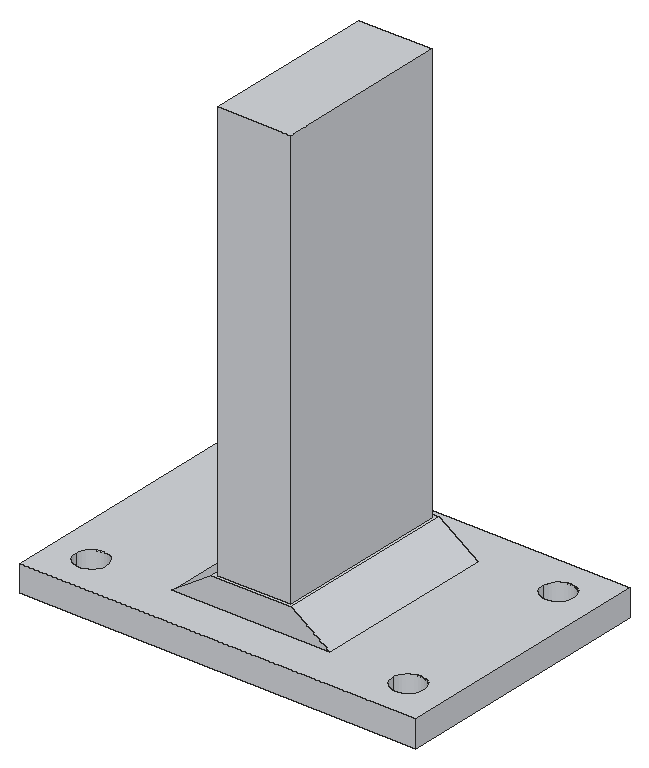
Revit family "Lighting-ArredoUrbano-GEWISS-EXTRO-BASE_COLONNA", category Apparecchi per illuminazione, Revit 2019
Family settings
  Quota connettore circolare = Usa diametro
  Tipo di parte = Normale
  Numero OmniClass = 23.80.00.00
  Titolo OmniClass = Electric Power and Lighting
  Basato su piano di lavoro = Sì
  Sempre verticale = Sì
  Taglio con vuoti quando caricato = No
  Sorgente d'illuminazione = No
  Condiviso = No
  Punto di calcolo locali = Sì
Parameters (values of type "GW82297 - BASE RETTANGOLARE COLONNA EXTRO G.GRAF.")
  Versione file RFA = "20.11"
  URL = "https://www.gewiss.com/it/it"
  Scheda Tecnica = "https://www.gewiss.com/it/it/search?q=GW82297"
  SIMBOLO [instance] = yes
  SEO = "Base colonna"
  Default Elevation = 1219.2 mm
  Produttore = "GEWISS S.p.A."
  Piede = none
  Modello = "GW82297"
  Materiale = "Alluminio estruso"
  Larghezza_basamento = 202 mm
  Lunghezza_Basamento = 300 mm
  Lunghezza_piede = 140 mm
  Larghezza_Piede [instance] = 60 mm
  Immagine tipo = GW82297.jpg
  IDT = "1fff9009-d007-4e18-9cb8-e6882bacfd6c"
  IDF = "f907310b-761a-454e-8ab0-a7a655ef85ca"
  Dimensioni AxBxC (mm) = "300x202x315"
  Dim. esterne BxHxP (mm) = "300x202x315"
  Descrizione = "BASE RETTANGOLARE COLONNA EXTRO GRIGIO"
  Creato da GEWISS S.p.A. = ""
  Colore = "Grigio grafite"
  Codice Electrocod = "240"
  Codice EAN = "8011564210431"
  Catalogo Serie = "EXTRO"
  Catalogo = "LIGHTING"
  COBie.Tagnumber = ""
  COBie.CreatedOn = ""
  COBie.CreatebBy = ""
  COBie.ComponentRegisterItemID = ""
  COBie.Component.TagNumber = ""
  COBie.Component.Space = ""
  COBie.Component.SerialNumber = ""
  COBie.Component.InstallationDate = ""
  COBie.Component.Description = ""
  COBie.Component.BarCode = ""
  Basamento = none
  BIDIMENSIONALE [instance] = not(SIMBOLO)  # no
  Altezza piede = 358 mm
Reference planes
  plane 1 "Centro (Fronte/Retro)": y = 0
  plane 2: z = 0
  plane 3 "Centro (Sinistra/Destra)": x = 0
  plane 4: x = -150
  plane 5: x = 150
  plane 6: y = 101
  plane 7: y = -101
  plane 8: z = 20
  plane 9: x = -30
  plane 10: x = 30
  plane 11: x = -60
  plane 12: x = 60
  plane 13: z = 40
  plane 14: y = 70
  plane 15: y = -70
  plane 16: x = 27.5
  plane 17: x = -27.5
  plane 18: y = 67
  plane 19: y = -67
  plane 20: z = 358
Forms (mm)
  Extrusion 1, solid, material <- "Basamento"
    sketch origin (0, 0, 0) x (1, 0, 0) y (0, 1, 0)
      loop
        line (-150, 101) -> (-150, -101) -> (150, -101) -> (150, 101) -> (-150, 101)
      loop
        circle (-120, 71) r 12
      loop
        circle (120, 71) r 12
      loop
        circle (-120, -71) r 12
      loop
        circle (120, -71) r 12
    from 0 to 20
  Extrusion 2, solid, material <- "Basamento"
    sketch origin (0, 0, 0) x (1, 0, 0) y (0, 0, 1)
      loop
        line (-30, 40) -> (-60, 20) -> (60, 20) -> (30, 40) -> (-30, 40)
    from -70 to 70
  Extrusion 3, solid, material <- "Piede"
    sketch origin (0, 0, 0) x (1, 0, 0) y (0, 1, 0)
      loop
        line (-27.5, 67) -> (-27.5, -67) -> (27.5, -67) -> (27.5, 67) -> (-27.5, 67)
    from 40 to 358
Lines and regions (mm)
  Masking region 1, visible <- "BIDIMENSIONALE"
    outline origin (0, 0, 0) x (1, 0, 0) y (0, 1, 0)
      loop
        line (-150, 101) -> (-150, -101) -> (150, -101) -> (150, 101) -> (-150, 101)
  Masking region 2
    outline origin (0, 0, 0) x (1, 0, 0) y (0, 0, 1)
      loop
        line (-150, 0) -> (150, 0) -> (150, 20) -> (-150, 20) -> (-150, 0)
      loop
        line (-27.5, 40) -> (27.5, 40) -> (27.5, 358) -> (-27.5, 358) -> (-27.5, 40)
  Masking region 3
    outline origin (0, 0, 0) x (1, 0, 0) y (0, 0, 1)
      loop
        line (-60, 20) -> (60, 20) -> (30, 40) -> (-30, 40) -> (-60, 20)
  Masking region 4
    outline origin (0, 0, 0) x (0, 1, 0) y (0, 0, 1)
      loop
        line (-101, 0) -> (101, 0) -> (101, 20) -> (-101, 20) -> (-101, 0)
      loop
        line (-67, 40) -> (67, 40) -> (67, 358) -> (-67, 358) -> (-67, 40)
  Masking region 5
    outline origin (0, 0, 0) x (0, 1, 0) y (0, 0, 1)
      loop
        line (-70, 20) -> (70, 20) -> (70, 40) -> (-70, 40) -> (-70, 20)
  symbolic lines
    curve 1: line (-150, 0, 0) -> (150, 0, 0)
    curve 2: line (-150, 0, 20) -> (-150, 0, 0)
    curve 3: line (150, 0, 20) -> (-150, 0, 20)
    curve 4: line (150, 0, 0) -> (150, 0, 20)
    curve 5: line (-27.5, 0, 40) -> (27.5, 0, 40)
    curve 6: line (-27.5, 0, 358) -> (-27.5, 0, 40)
    curve 7: line (27.5, 0, 358) -> (-27.5, 0, 358)
    curve 8: line (27.5, 0, 40) -> (27.5, 0, 358)
    curve 9: line (-30, 0, 40) -> (-60, 0, 20)
    curve 10: line (60, 0, 20) -> (30, 0, 40)
    curve 11: line (27.5, 0, 40) -> (-30, 0, 40)
    curve 23: line (0, 101, 0) -> (0, -101, 0)
    curve 24: line (0, 101, 20) -> (0, 101, 0)
    curve 25: line (0, -101, 20) -> (0, 101, 20)
    curve 26: line (0, -101, 0) -> (0, -101, 20)
    curve 27: line (0, -70, 20) -> (0, 70, 20)
    curve 28: line (0, -70, 40) -> (0, -70, 20)
    curve 29: line (0, 70, 40) -> (0, -70, 40)
    curve 30: line (0, 70, 20) -> (0, 70, 40)
    curve 31: line (0, 67, 40) -> (0, -67, 40)
    curve 32: line (0, 67, 358) -> (0, 67, 40)
    curve 33: line (0, -67, 358) -> (0, 67, 358)
    curve 34: line (0, -67, 40) -> (0, -67, 358)
  symbolic lines, not visible
    curve 12: line (-150, 0, 0) -> (150, 0, 0)
    curve 13: line (-150, 0, 20) -> (-150, 0, 0)
    curve 14: line (150, 0, 20) -> (-150, 0, 20)
    curve 15: line (150, 0, 0) -> (150, 0, 20)
    curve 16: line (-27.5, 0, 40) -> (27.5, 0, 40)
    curve 17: line (-27.5, 0, 358) -> (-27.5, 0, 40)
    curve 18: line (27.5, 0, 358) -> (-27.5, 0, 358)
    curve 19: line (27.5, 0, 40) -> (27.5, 0, 358)
    curve 20: line (-30, 0, 40) -> (-60, 0, 20)
    curve 21: line (60, 0, 20) -> (30, 0, 40)
    curve 22: line (27.5, 0, 40) -> (-30, 0, 40)
    curve 35: line (0, 101, 0) -> (0, -101, 0)
    curve 36: line (0, 101, 20) -> (0, 101, 0)
    curve 37: line (0, -101, 20) -> (0, 101, 20)
    curve 38: line (0, -101, 0) -> (0, -101, 20)
    curve 39: line (0, -70, 20) -> (0, 70, 20)
    curve 40: line (0, -70, 40) -> (0, -70, 20)
    curve 41: line (0, 70, 40) -> (0, -70, 40)
    curve 42: line (0, 70, 20) -> (0, 70, 40)
    curve 43: line (0, 67, 40) -> (0, -67, 40)
    curve 44: line (0, 67, 358) -> (0, 67, 40)
    curve 45: line (0, -67, 358) -> (0, 67, 358)
    curve 46: line (0, -67, 40) -> (0, -67, 358)
  symbolic lines, visible <- "BIDIMENSIONALE"
    curve 47: line (-150, 101, 0) -> (150, 101, 0)
    curve 48: line (-150, -101, 0) -> (-150, 101, 0)
    curve 49: line (150, -101, 0) -> (-150, -101, 0)
    curve 50: line (150, 101, 0) -> (150, -101, 0)
    curve 51: arc (-132, 71, 0) -> (-120, 83, 0) -> (-108, 71, 0) r 12
    curve 52: arc (-108, 71, 0) -> (-120, 59, 0) -> (-132, 71, 0) r 12
    curve 53: arc (-132, -71, 0) -> (-120, -59, 0) -> (-108, -71, 0) r 12
    curve 54: arc (-108, -71, 0) -> (-120, -83, 0) -> (-132, -71, 0) r 12
    curve 55: line (-60, -70, 0) -> (-60, 70, 0)
    curve 56: line (-60, 70, 0) -> (60, 70, 0)
    curve 57: line (60, 70, 0) -> (60, -70, 0)
    curve 58: line (60, -70, 0) -> (-60, -70, 0)
    curve 59: line (-30, 70, 0) -> (-30, -70, 0)
    curve 60: line (30, 70, 0) -> (30, -70, 0)
    curve 61: line (27.5, -67, 0) -> (27.5, 67, 0)
    curve 62: line (27.5, 67, 0) -> (-27.5, 67, 0)
    curve 63: line (-27.5, 67, 0) -> (-27.5, -67, 0)
    curve 64: line (-27.5, -67, 0) -> (27.5, -67, 0)
    curve 65: arc (132, -71, 0) -> (120, -59, 0) -> (108, -71, 0) r 12
    curve 66: arc (108, -71, 0) -> (120, -83, 0) -> (132, -71, 0) r 12
    curve 67: arc (132, 71, 0) -> (120, 59, 0) -> (108, 71, 0) r 12
    curve 68: arc (108, 71, 0) -> (120, 83, 0) -> (132, 71, 0) r 12
  symbolic lines, visible <- "BIDIMENSIONALE", not visible
    curve 69: line (-150, 101, 0) -> (150, 101, 0)
    curve 70: line (-150, -101, 0) -> (-150, 101, 0)
    curve 71: line (150, -101, 0) -> (-150, -101, 0)
    curve 72: line (150, 101, 0) -> (150, -101, 0)
    curve 73: arc (-132, 71, 0) -> (-120, 83, 0) -> (-108, 71, 0) r 12
    curve 74: arc (-108, 71, 0) -> (-120, 59, 0) -> (-132, 71, 0) r 12
    curve 75: arc (-132, -71, 0) -> (-120, -59, 0) -> (-108, -71, 0) r 12
    curve 76: arc (-108, -71, 0) -> (-120, -83, 0) -> (-132, -71, 0) r 12
    curve 77: line (-60, -70, 0) -> (-60, 70, 0)
    curve 78: line (-60, 70, 0) -> (60, 70, 0)
    curve 79: line (60, 70, 0) -> (60, -70, 0)
    curve 80: line (60, -70, 0) -> (-60, -70, 0)
    curve 81: line (-30, 70, 0) -> (-30, -70, 0)
    curve 82: line (30, 70, 0) -> (30, -70, 0)
    curve 83: line (27.5, -67, 0) -> (27.5, 67, 0)
    curve 84: line (27.5, 67, 0) -> (-27.5, 67, 0)
    curve 85: line (-27.5, 67, 0) -> (-27.5, -67, 0)
    curve 86: line (-27.5, -67, 0) -> (27.5, -67, 0)
    curve 87: arc (132, -71, 0) -> (120, -59, 0) -> (108, -71, 0) r 12
    curve 88: arc (108, -71, 0) -> (120, -83, 0) -> (132, -71, 0) r 12
    curve 89: arc (132, 71, 0) -> (120, 59, 0) -> (108, 71, 0) r 12
    curve 90: arc (108, 71, 0) -> (120, 83, 0) -> (132, 71, 0) r 12
Dimensions and locks
  equal spacing: plane 4, plane 3 "Centro (Sinistra/Destra)", plane 5
  equal spacing: plane 6, plane 1 "Centro (Fronte/Retro)", plane 7
  locked: plane 8 to plane 2 at 20
  "Lunghezza_Basamento": plane 4 to plane 5
  "Larghezza_basamento": plane 6 to plane 7
  locked: plane 4 to Extrusion 1 sketch curve at 30  (x2)
  locked: Extrusion 1 sketch curve to plane 5 at 30  (x2)
  locked: Extrusion 1 sketch curve to plane 7 at 30  (x2)
  locked: plane 6 to Extrusion 1 sketch curve at 30  (x2)
  equal spacing: plane 9, plane 3 "Centro (Sinistra/Destra)", plane 10
  "Larghezza_Piede": plane 9 to plane 10
  plane 10 to plane 9 = 60 mm
  equal spacing: plane 12, plane 3 "Centro (Sinistra/Destra)", plane 11
  locked: plane 13 to plane 8 at 20
  equal spacing: plane 14, plane 1 "Centro (Fronte/Retro)", plane 15
  "Lunghezza_piede": plane 14 to plane 15
  locked: plane 9 to plane 17 at 2.5
  locked: plane 16 to plane 10 at 2.5
  locked: plane 14 to plane 18 at 3
  locked: plane 19 to plane 15 at 3
  "Altezza piede": plane 20 to level
  aligned and locked: level to plane 2
  aligned and locked: Extrusion 1 sketch curve to plane 6
  aligned and locked: plane 7 to Extrusion 1 sketch curve
  aligned and locked: plane 8 to Extrusion 1
  aligned and locked: plane 13 to Extrusion 2 sketch curve
  aligned and locked: Extrusion 2 sketch curve to plane 8
  aligned and locked: plane 14 to Extrusion 2
  aligned and locked: Extrusion 2 to plane 15
  aligned and locked: Extrusion 3 sketch curve to plane 18
  aligned and locked: plane 17 to Extrusion 3 sketch curve
  aligned and locked: plane 19 to Extrusion 3 sketch curve
  aligned and locked: Extrusion 3 sketch curve to plane 16
  aligned and locked: plane 20 to Extrusion 3
  aligned and locked: Extrusion 3 to plane 13
  aligned and locked: plane 1 "Centro (Fronte/Retro)" to nested 1
  aligned and locked: plane 3 "Centro (Sinistra/Destra)" to nested 1
  aligned and locked: Masking region 1 sketch curve to Extrusion 1  (x4)
  aligned and locked: Masking region 2 sketch curve to Extrusion 1  (x4)
  aligned and locked: Masking region 2 sketch curve to Extrusion 3  (x4)
  aligned and locked: Masking region 4 sketch curve to Extrusion 1  (x4)
  aligned and locked: Masking region 4 sketch curve to Extrusion 3  (x4)
  aligned and locked: Masking region 5 sketch curve to Extrusion 2  (x4)
Automatic sketch dimensions
  Extrusion 1 sketch curve to plane 4 = 0 mm
  Extrusion 1 sketch curve to plane 5 = 0 mm
  Extrusion 2 sketch curve to plane 11 = 0 mm
  Extrusion 2 sketch curve to plane 9 = 0 mm
  Extrusion 2 sketch curve to plane 10 = 0 mm
  Extrusion 2 sketch curve to plane 12 = 0 mm
  curve 51 to curve 52 = 0 mm  (x2)
  curve 53 to curve 54 = 0 mm  (x2)
  curve 65 to curve 66 = 0 mm  (x2)
  curve 67 to curve 68 = 0 mm  (x2)
  curve 48 to curve 54 = 30 mm  (x2)
  curve 47 to curve 52 = 30 mm
  curve 53 to curve 55 = 60 mm
  curve 55 to curve 63 = 32.5 mm
  curve 62 to curve 61 = 55 mm
  curve 61 to curve 57 = 32.5 mm
  curve 56 to curve 67 = 60 mm
  curve 57 to curve 65 = 60 mm
  curve 65 to curve 49 = 30 mm
  curve 49 to curve 66 = 30 mm
  curve 53 to curve 58 = 1 mm
  curve 60 to curve 61 = 3 mm
  curve 63 to curve 62 = 134 mm
  curve 61 to curve 57 = 3 mm
  curve 55 to curve 52 = 1 mm
  curve 56 to curve 68 = 1 mm
  curve 52 to curve 48 = 30 mm
  curve 52 to curve 51 = 12 mm
  curve 54 to curve 53 = 12 mm
  curve 59 to curve 62 = 2.5 mm
  curve 61 to curve 60 = 2.5 mm
  curve 68 to curve 67 = 12 mm
  curve 65 to curve 65 = 12 mm
  curve 73 to curve 74 = 0 mm  (x2)
  curve 75 to curve 76 = 0 mm  (x2)
  curve 87 to curve 88 = 0 mm  (x2)
  curve 89 to curve 90 = 0 mm  (x2)
  curve 70 to curve 76 = 30 mm  (x2)
  curve 69 to curve 74 = 30 mm
  curve 75 to curve 77 = 60 mm
  curve 77 to curve 85 = 32.5 mm
  curve 84 to curve 83 = 55 mm
  curve 83 to curve 79 = 32.5 mm
  curve 78 to curve 89 = 60 mm
  curve 79 to curve 87 = 60 mm
  curve 87 to curve 71 = 30 mm
  curve 71 to curve 88 = 30 mm
  curve 75 to curve 80 = 1 mm
  curve 82 to curve 83 = 3 mm
  curve 85 to curve 84 = 134 mm
  curve 83 to curve 79 = 3 mm
  curve 77 to curve 74 = 1 mm
  curve 78 to curve 90 = 1 mm
  curve 74 to curve 70 = 30 mm
  curve 74 to curve 73 = 12 mm
  curve 76 to curve 75 = 12 mm
  curve 81 to curve 84 = 2.5 mm
  curve 83 to curve 82 = 2.5 mm
  curve 90 to curve 89 = 12 mm
  curve 87 to curve 87 = 12 mm
  Masking region 3 sketch curve to plane 8 = 0 mm
  Masking region 3 sketch curve to plane 11 = 0 mm
  Masking region 3 sketch curve to plane 9 = 0 mm
  Masking region 3 sketch curve to plane 10 = 0 mm
  Masking region 3 sketch curve to plane 12 = 0 mm
  Masking region 3 sketch curve to plane 13 = 0 mm
  radius of Extrusion 1 sketch curve = 12 mm  (x4)
Nested families
  nested 1: "ACCPIASTRA" at (0, 0, 0), visible <- "SIMBOLO", type "ACCPIASTRA"
Definition of nested family "ACCPIASTRA"
  Reference planes
    plane 1 "Centro (Fronte/Retro)": y = 0
    plane 2: z = 0
    plane 3 "Centro (Sinistra/Destra)": x = 0
  Lines and regions (mm)
    detail lines, in view "Livello rif."
      curve 1: line (-85.401, -52.093, 0) -> (85.401, -52.093, 0)
      curve 2: line (85.401, -52.093, 0) -> (85.401, 52.093, 0)
      curve 3: line (85.401, 52.093, 0) -> (-85.401, 52.093, 0)
      curve 4: line (-85.401, 52.093, 0) -> (-85.401, -52.093, 0)
      curve 5: line (-7.115, 89.747, 0) -> (0, 87.807, 0)
      curve 6: line (0, 87.807, 0) -> (7.644, 89.747, 0)
      curve 7: line (7.644, 89.747, 0) -> (13.23, 95.272, 0)
      curve 8: line (13.23, 95.272, 0) -> (15.288, 102.914, 0)
      curve 9: line (15.288, 102.914, 0) -> (13.23, 110.379, 0)
      curve 10: line (13.23, 110.379, 0) -> (7.759, 115.75, 0)
      curve 11: line (7.759, 115.75, 0) -> (0.173, 117.807, 0)
      curve 12: line (0.173, 117.807, 0) -> (-7.177, 115.868, 0)
      curve 13: line (-7.177, 115.868, 0) -> (-12.763, 110.225, 0)
      curve 14: line (-12.763, 110.225, 0) -> (-14.763, 102.877, 0)
      curve 15: line (-14.763, 102.877, 0) -> (-12.648, 95.396, 0)
      curve 16: line (-12.648, 95.396, 0) -> (-7.115, 89.747, 0)
      curve 17: line (0, 87.807, 0) -> (0, 52.093, 0)
      curve 18: line (-49.046, -26.335, 0) -> (48.897, -26.335, 0)
      curve 19: line (-0.075, -26.335, 0) -> (-0.075, 26.335, 0)
      curve 20: line (-24.56, 26.335, 0) -> (24.411, 26.335, 0)
